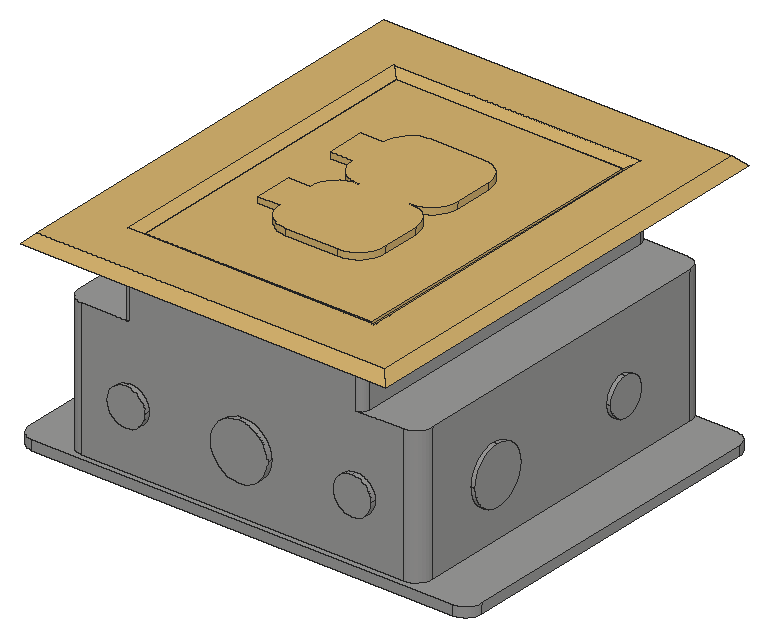
Revit family "Electrical_Equipment-Floor_Box-Hubbell_Wiring-1_Gang-Rectangular_Stamped_Steel-B2429", category Electrical Fixtures, host Face, Revit 2015
Parameters (values of type "B2429 - 1 Gang - Brass Collar")
  Unit Height [instance] = 0' - 2 207/256"  # constant formula
  URL = "http://www.hubbell-wiring.com/"
  Product data url = "https://bimobject.com/hubbellwiring/product/systemone-b2429"
  Product Page URL = "http://ecatalog.hubbell-wiring.com/productinformation/viewcatalog.aspx?Dest=hubbell-wiring.com/press/catalog/L.pdf&Page=4"
  Product Documentation Link = "http://ecatalog.hubbell-wiring.com/press/catalog/L-13.pdf"
  Model = "B2429"
  Manufacturer = "Hubbell-Wiring"  # constant formula
  Floor Box Type = Stamped Steel Concrete Floor Box : B2429 - Shallow Concrete Floor Box
  Description = "Flush Rectangular Stamped Steel Concrete Floor Box"  # constant formula
  Default Elevation = 0' - 0"
  Cover Type [instance] = Covers : S3825 - Duplex Flap - Brass
  Cover Accessory Type [instance] = Carpet Flange : SB3083 - Carpet Flange - Brass
  Construction Note [instance] = "Match Collar Material to Cover"  # constant formula
  Conduit Connector_9 Description = "Conduit 0.5in. Connection"
  Conduit Connector_8 Description = "Conduit 0.5in. Connection"
  Conduit Connector_7 Description = "Conduit 0.75in. Connection"
  Conduit Connector_6 Description = "Conduit 0.5in. Connection"
  Conduit Connector_5 Description = "Conduit 0.5in. Connection"
  Conduit Connector_4 Description = "Conduit 0.75in. Connection"
  Conduit Connector_3 Description = "Conduit 0.5in. Connection"
  Conduit Connector_2 Description = "Conduit 0.75in. Connection"
  Conduit Connector_15 Description = "Conduit 0.75in. Connection"
  Conduit Connector_14 Description = "Conduit 0.75in. Connection"
  Conduit Connector_13 Description = "Conduit 0.5in. Connection"
  Conduit Connector_12 Description = "Conduit 0.5in. Connection"
  Conduit Connector_11 Description = "Conduit 0.5in. Connection"
  Conduit Connector_10 Description = "Conduit 0.75in. Connection"
  Conduit Connector_1 Description = "Conduit 0.5in. Connection"
  Conduit Connector 2 Radius = 0' - 0 3/8"
  Conduit Connector 1 Radius = 0' - 0 1/4"
  Collar Material = Metal-Hubbell-Brass
  Box Material = Metal-Hubbell-Stamped Steel
  Assembly Code = "D5020115"
Reference planes (in)
  plane 1 "Center (Front/Back)": y = 0
  plane 2: z = 0
  plane 3 "Center (Left/Right)": x = 0
  plane 4: y = -2.078
  plane 5: y = 2.078
  plane 6: x = -1.4965
  plane 7: x = 1.4965
Forms (in)
  Extrusion 1, void, detail levels fine
    sketch origin (0, 0, 0) x (1, 0, 0) y (0, 1, 0)
      loop
        line (-1.4965, 2.078) -> (-1.4965, -2.078) -> (1.4965, -2.078) -> (1.4965, 2.078) -> (-1.4965, 2.078)
    from 0 to -2.875
Lines and regions (in)
  symbolic lines
    curve 1: line (-2.42578, 3, 0) -> (2.42578, 3, 0)
    curve 2: line (-2.42578, -3, 0) -> (-2.42578, 3, 0)
    curve 3: line (2.42578, -3, 0) -> (-2.42578, -3, 0)
    curve 4: line (2.42578, 3, 0) -> (2.42578, -3, 0)
Dimensions and locks (in)
  locked: host face to nested 3 at 0.04297
  host face to nested 1 = 0' - 2 31/256"
  plane 5 to plane 1 "Center (Front/Back)" to plane 4 = 0' - 2.078" locked, 0' - 2.078" locked
  plane 6 to plane 3 "Center (Left/Right)" to plane 7 = 0' - 1.4965" locked, 0' - 1.4965" locked
  Extrusion 1 to plane 3 "Center (Left/Right)" = 0' - 1.4965"
  aligned and locked: plane 2 to host face
  aligned and locked: level to host face
  aligned: level to Extrusion 1
  aligned and locked: plane 1 "Center (Front/Back)" to nested 1
  aligned: plane 2 to nested 1  (x4)
  aligned: Extrusion 1 to nested 1  (x9)
  aligned and locked: plane 1 "Center (Front/Back)" to nested 2
  aligned and locked: plane 3 "Center (Left/Right)" to nested 2
  aligned and locked: plane 3 "Center (Left/Right)" to nested 1
  aligned: nested 2 to plane 2  (x2)
  aligned: nested 2 to Extrusion 1
  aligned: nested 1 to Extrusion 1  (x2)
  aligned: Extrusion 1 to nested 2
  aligned and locked: nested 2 to plane 2
  aligned and locked: host face to Extrusion 1
  aligned and locked: plane 3 "Center (Left/Right)" to nested 3
  aligned and locked: plane 1 "Center (Front/Back)" to nested 3
  aligned and locked: Extrusion 1 to plane 5
  aligned and locked: Extrusion 1 to plane 4
  aligned and locked: plane 6 to Extrusion 1
  aligned and locked: plane 7 to Extrusion 1
  aligned and locked: plane 2 to nested 1
  aligned and locked: nested 2 to host face
  aligned and locked: curve 1 to nested 2
  aligned and locked: curve 2 to nested 2
  aligned and locked: curve 3 to nested 2
  aligned and locked: curve 4 to nested 2
Nested families (in)
  nested 1: "Stamped Steel Concrete Floor Box" at (0, 0, -0.0625), Unit Height <- "Unit Height", type <- "Floor Box Type", type "B2429 - Shallow Concrete Floor Box"
    with Unit Height 0' - 2 207/256"
  nested 2: "Carpet Flange" at (0, 0, 0), type <- "Cover Accessory Type", type "SB3083 - Carpet Flange - Brass"
  nested 3: "Covers" at (0, 0, -0.04297), type <- "Cover Type", type "S3825 - Duplex Flap - Brass"
Connectors (in)
  cabletrayconduit at (-1.5, -2.4075, -1.87109), diameter 0.5, driven by "Conduit Connector 1 Radius", driven by "Conduit Connector_1 Description"
    settings: on nested 1, index 1, connector width 1' - 0", connector height 1' - 0", connector angle 0.00°, system type 32, placement type 0, profile type 0, connector reference index -1, is primary connector yes, connector utility param no, connector description "Conduit 0.5in. Connection"
  cabletrayconduit at (0, -2.4075, -1.87109), diameter 0.75, driven by "Conduit Connector 2 Radius", driven by "Conduit Connector_2 Description"
    settings: on nested 1, index 2, connector width 1' - 0", connector height 1' - 0", connector angle 0.00°, system type 32, placement type 0, profile type 0, connector reference index -1, is primary connector no, connector utility param no, connector description "Conduit 0.75in. Connection"
  cabletrayconduit at (1.5, -2.4075, -1.87109), diameter 0.5, driven by "Conduit Connector 1 Radius", driven by "Conduit Connector_3 Description"
    settings: on nested 1, index 3, connector width 1' - 0", connector height 1' - 0", connector angle 0.00°, system type 32, placement type 0, profile type 0, connector reference index -1, is primary connector no, connector utility param no, connector description "Conduit 0.5in. Connection"
  cabletrayconduit at (2.40556, -1.125, -1.87109), diameter 0.75, driven by "Conduit Connector 2 Radius", driven by "Conduit Connector_4 Description"
    settings: on nested 1, index 4, connector width 1' - 0", connector height 1' - 0", connector angle 0.00°, system type 32, placement type 0, profile type 0, connector reference index -1, is primary connector no, connector utility param no, connector description "Conduit 0.75in. Connection"
  cabletrayconduit at (2.40556, 1, -1.87109), diameter 0.5, driven by "Conduit Connector 1 Radius", driven by "Conduit Connector_5 Description"
    settings: on nested 1, index 5, connector width 1' - 0", connector height 1' - 0", connector angle 0.00°, system type 32, placement type 0, profile type 0, connector reference index -1, is primary connector no, connector utility param no, connector description "Conduit 0.5in. Connection"
  cabletrayconduit at (1.5, 2.4075, -1.87109), diameter 0.5, driven by "Conduit Connector 1 Radius", driven by "Conduit Connector_6 Description"
    settings: on nested 1, index 6, connector width 1' - 0", connector height 1' - 0", connector angle 0.00°, system type 32, placement type 0, profile type 0, connector reference index -1, is primary connector no, connector utility param no, connector description "Conduit 0.5in. Connection"
  cabletrayconduit at (0, 2.4075, -1.87109), diameter 0.75, driven by "Conduit Connector 2 Radius", driven by "Conduit Connector_7 Description"
    settings: on nested 1, index 7, connector width 1' - 0", connector height 1' - 0", connector angle 0.00°, system type 32, placement type 0, profile type 0, connector reference index -1, is primary connector no, connector utility param no, connector description "Conduit 0.75in. Connection"
  cabletrayconduit at (-1.5, 2.4075, -1.87109), diameter 0.5, driven by "Conduit Connector 1 Radius", driven by "Conduit Connector_8 Description"
    settings: on nested 1, index 8, connector width 1' - 0", connector height 1' - 0", connector angle 0.00°, system type 32, placement type 0, profile type 0, connector reference index -1, is primary connector no, connector utility param no, connector description "Conduit 0.5in. Connection"
  cabletrayconduit at (-2.40944, 1, -1.87109), diameter 0.5, driven by "Conduit Connector 1 Radius", driven by "Conduit Connector_9 Description"
    settings: on nested 1, index 9, connector width 1' - 0", connector height 1' - 0", connector angle 0.00°, system type 32, placement type 0, profile type 0, connector reference index -1, is primary connector no, connector utility param no, connector description "Conduit 0.5in. Connection"
  cabletrayconduit at (-2.40944, -1.125, -1.87109), diameter 0.75, driven by "Conduit Connector 2 Radius", driven by "Conduit Connector_10 Description"
    settings: on nested 1, index 10, connector width 1' - 0", connector height 1' - 0", connector angle 0.00°, system type 32, placement type 0, profile type 0, connector reference index -1, is primary connector no, connector utility param no, connector description "Conduit 0.75in. Connection"
  cabletrayconduit at (-0.69846, -0.75662, -2.93359), diameter 0.5, driven by "Conduit Connector 1 Radius", driven by "Conduit Connector_11 Description"
    settings: on nested 1, index 11, connector width 1' - 0", connector height 1' - 0", connector angle 0.00°, system type 32, placement type 0, profile type 0, connector reference index -1, is primary connector no, connector utility param no, connector description "Conduit 0.5in. Connection"
  cabletrayconduit at (0.69846, 0.75662, -2.93359), diameter 0.5, driven by "Conduit Connector 1 Radius", driven by "Conduit Connector_13 Description"
    settings: on nested 1, index 13, connector width 1' - 0", connector height 1' - 0", connector angle 0.00°, system type 32, placement type 0, profile type 0, connector reference index -1, is primary connector no, connector utility param no, connector description "Conduit 0.5in. Connection"
  cabletrayconduit at (0.69846, -0.75662, -2.93359), diameter 0.75, driven by "Conduit Connector 2 Radius", driven by "Conduit Connector_14 Description"
    settings: on nested 1, index 14, connector width 1' - 0", connector height 1' - 0", connector angle 0.00°, system type 32, placement type 0, profile type 0, connector reference index -1, is primary connector no, connector utility param no, connector description "Conduit 0.75in. Connection"
  cabletrayconduit at (-0.69846, 0.75662, -2.93359), diameter 0.75, driven by "Conduit Connector 2 Radius", driven by "Conduit Connector_15 Description"
    settings: on nested 1, index 15, connector width 1' - 0", connector height 1' - 0", connector angle 0.00°, system type 32, placement type 0, profile type 0, connector reference index -1, is primary connector no, connector utility param no, connector description "Conduit 0.75in. Connection"
  cabletrayconduit at (0, 0, -2.93359), diameter 0.5, driven by "Conduit Connector 1 Radius", driven by "Conduit Connector_13 Description"
    settings: on nested 1, index 16, connector width 1' - 0", connector height 1' - 0", connector angle 0.00°, system type 32, placement type 0, profile type 0, connector reference index -1, is primary connector no, connector utility param no, connector description "Conduit 0.5in. Connection"
Definition of nested family "Stamped Steel Concrete Floor Box"
  Parameters
    Unit Height [instance] = 0' - 2 207/256"  # constant formula
    Cover Material = none
    Conduit Connector Offset = 0' - 1"  # constant formula
    Conduit Connector 2 Radius = 0' - 0 3/8"
    Conduit Connector 1 Radius = 0' - 0 1/4"
    Can Material = none
    Assembly Code = ""
  Reference planes (in)
    plane 1 "Center (Front/Back)": y = 0
    plane 2: z = 0
    plane 3 "Center (Left/Right)": x = 0
    plane 4: z = -2.80859
    plane 5: z = -1.80859
    plane 6: z = -0.82416
    plane 7: z = -2.68359
  Forms (in)
    Extrusion 1, solid, material <- "Can Material"
      sketch origin (0, 0, 0) x (1, 0, 0) y (0, 0, -1)
        loop
          arc (-0.375, 1.80859) -> (-0.26517, 1.54343) -> (0, 1.43359) r 0.375
          arc (0, 1.43359) -> (0.26517, 1.54343) -> (0.375, 1.80859) r 0.375
          arc (0.375, 1.80859) -> (0.26517, 2.07376) -> (0, 2.18359) r 0.375
          arc (0, 2.18359) -> (-0.26517, 2.07376) -> (-0.375, 1.80859) r 0.375
      from -2.13518 to -2.4075
    Extrusion 2, solid, material <- "Can Material"
      sketch origin (0, 0, 0) x (1, 0, 0) y (0, 0, 1)
        loop
          arc (-0.375, -1.80859) -> (-0.26517, -2.07376) -> (0, -2.18359) r 0.375
          arc (0, -2.18359) -> (0.26517, -2.07376) -> (0.375, -1.80859) r 0.375
          arc (0.375, -1.80859) -> (0.26517, -1.54343) -> (0, -1.43359) r 0.375
          arc (0, -1.43359) -> (-0.26517, -1.54343) -> (-0.375, -1.80859) r 0.375
      from -2.345 to -2.4075
    Extrusion 3, solid, material <- "Cover Material"
      sketch origin (0, 0, 0.22509) x (1, 0, 0) y (0, 1, 0)
        loop
          line (-1.4965, 2.078) -> (-1.4965, -2.078) -> (1.4965, -2.078) -> (1.4965, 2.078) -> (-1.4965, 2.078)
        loop
          arc (-1.49742, 2.345) -> (-1.57311, 2.31365) -> (-1.60446, 2.23796) r 0.10704
          line (-1.60446, 2.23796) -> (-1.60446, -2.23167)
          arc (-1.60446, -2.23167) -> (-1.57315, -2.30726) -> (-1.49756, -2.33857) r 0.1069
          line (-1.49756, -2.33857) -> (1.49823, -2.33857)
          arc (1.49823, -2.33857) -> (1.56869, -2.30939) -> (1.59787, -2.23893) r 0.09964
          line (1.59787, -2.23893) -> (1.59787, 2.24543)
          arc (1.59787, 2.24543) -> (1.56871, 2.31584) -> (1.4983, 2.345) r 0.09957
          line (1.4983, 2.345) -> (-1.49742, 2.345)
      from -0.39425 to -0.22509
    Extrusion 4, solid, material <- "Can Material"
      sketch origin (0.92025, 0.30752, 7.9375) x (1, 0, 0) y (0, 1, 0)
        loop
          arc (-3.05737, 2.03748) -> (-3.20573, 1.97602) -> (-3.26719, 1.82766) r 0.20982
          line (-3.26719, 1.82766) -> (-3.26719, -2.43885)
          arc (-3.26719, -2.43885) -> (-3.20649, -2.5854) -> (-3.05994, -2.6461) r 0.20725
          line (-3.05994, -2.6461) -> (1.20405, -2.6461)
          arc (1.20405, -2.6461) -> (1.35706, -2.58272) -> (1.42044, -2.42971) r 0.21639
          line (1.42044, -2.42971) -> (1.42044, 1.83391)
          arc (1.42044, 1.83391) -> (1.36082, 1.97785) -> (1.21687, 2.03748) r 0.20357
          line (1.21687, 2.03748) -> (-3.05737, 2.03748)
      from -10.5625 to -8.76166
    Extrusion 5, solid, material <- "Can Material"
      sketch origin (0, 0, 7.9375) x (1, 0, 0) y (0, 1, 0)
        loop
          line (-1.4965, 2.078) -> (-1.4965, -2.078) -> (1.4965, -2.078) -> (1.4965, 2.078) -> (-1.4965, 2.078)
        loop
          line (-1.60446, 2.23796) -> (-1.60446, -2.23167)
          arc (-1.60446, -2.23167) -> (-1.57315, -2.30726) -> (-1.49756, -2.33857) r 0.1069
          line (-1.49756, -2.33857) -> (1.49823, -2.33857)
          arc (1.49823, -2.33857) -> (1.56869, -2.30939) -> (1.59787, -2.23893) r 0.09964
          line (1.59787, -2.23893) -> (1.59787, 2.24543)
          arc (1.59787, 2.24543) -> (1.56871, 2.31584) -> (1.4983, 2.345) r 0.09957
          line (1.4983, 2.345) -> (-1.49742, 2.345)
          arc (-1.49742, 2.345) -> (-1.57311, 2.31365) -> (-1.60446, 2.23796) r 0.10704
      from -8.76166 to -8.10666
    Extrusion 6, solid, material <- "Cover Material"
      sketch origin (0, 0, 0) x (1, 0, 0) y (0, 1, 0)
        loop
          arc (-1.49742, 2.345) -> (-1.57311, 2.31365) -> (-1.60446, 2.23796) r 0.10704
          line (-1.60446, 2.23796) -> (-1.60446, -2.23167)
          arc (-1.60446, -2.23167) -> (-1.57315, -2.30726) -> (-1.49756, -2.33857) r 0.1069
          line (-1.49756, -2.33857) -> (1.49823, -2.33857)
          arc (1.49823, -2.33857) -> (1.56869, -2.30939) -> (1.59787, -2.23893) r 0.09964
          line (1.59787, -2.23893) -> (1.59787, 2.24543)
          arc (1.59787, 2.24543) -> (1.56871, 2.31584) -> (1.4983, 2.345) r 0.09957
          line (1.4983, 2.345) -> (-1.49742, 2.345)
        loop
          line (-1.4965, 2.078) -> (-1.4965, -2.078) -> (1.4965, -2.078) -> (1.4965, 2.078) -> (-1.4965, 2.078)
      from 0 to 0.0625
    Extrusion 7, solid, material <- "Can Material"
      sketch origin (0.92025, 0.30752, 7.9375) x (1, 0, 0) y (0, 1, 0)
        loop
          arc (-3.71356, 2.03748) -> (-3.86192, 1.97602) -> (-3.92337, 1.82766) r 0.20982
          line (-3.92337, 1.82766) -> (-3.92337, -2.43885)
          arc (-3.92337, -2.43885) -> (-3.86267, -2.5854) -> (-3.71613, -2.6461) r 0.20725
          line (-3.71613, -2.6461) -> (1.86024, -2.6461)
          arc (1.86024, -2.6461) -> (2.01325, -2.58272) -> (2.07663, -2.42971) r 0.21639
          line (2.07663, -2.42971) -> (2.07663, 1.83391)
          arc (2.07663, 1.83391) -> (2.017, 1.97785) -> (1.87306, 2.03748) r 0.20357
          line (1.87306, 2.03748) -> (-3.71356, 2.03748)
      from -10.74609 to -10.62109
    Extrusion 8, solid, material <- "Can Material"
      sketch origin (-0.69846, 0.75662, 0) x (1, 0, 0) y (0, 1, 0)
        loop
          circle (0, 0) r 0.375
      from -2.80859 to -2.87109
    Extrusion 9, solid, material <- "Can Material"
      sketch origin (0.07413, 1.125, 0) x (0, 1, 0) y (0, 0, -1)
        loop
          arc (-0.375, 1.80859) -> (-0.30178, 1.63182) -> (-0.125, 1.55859) r 0.25
          arc (-0.125, 1.55859) -> (0.05178, 1.63182) -> (0.125, 1.80859) r 0.25
          arc (0.125, 1.80859) -> (0.05178, 1.98537) -> (-0.125, 2.05859) r 0.25
          arc (-0.125, 2.05859) -> (-0.30178, 1.98537) -> (-0.375, 1.80859) r 0.25
      from -2.26893 to -2.33143
    Extrusion 10, solid, material <- "Can Material"
      sketch origin (0, 1, 0) x (0, 1, 0) y (0, 0, 1)
        loop
          arc (-0.25, -1.80859) -> (-0.17678, -1.98537) -> (0, -2.05859) r 0.25
          arc (0, -2.05859) -> (0.17678, -1.98537) -> (0.25, -1.80859) r 0.25
          arc (0.25, -1.80859) -> (0.17678, -1.63182) -> (0, -1.55859) r 0.25
          arc (0, -1.55859) -> (-0.17678, -1.63182) -> (-0.25, -1.80859) r 0.25
      from -2.34694 to -2.40944
    Extrusion 11, solid, material <- "Can Material"
      sketch origin (0.07413, -1.125, 0) x (0, -1, 0) y (0, 0, 1)
        loop
          arc (-0.375, -1.80859) -> (-0.26517, -2.07376) -> (0, -2.18359) r 0.375
          arc (0, -2.18359) -> (0.26517, -2.07376) -> (0.375, -1.80859) r 0.375
          arc (0.375, -1.80859) -> (0.26517, -1.54343) -> (0, -1.43359) r 0.375
          arc (0, -1.43359) -> (-0.26517, -1.54343) -> (-0.375, -1.80859) r 0.375
      from -2.26893 to -2.33143
    Extrusion 12, solid, material <- "Can Material"
      sketch origin (0, -1, 0) x (0, -1, 0) y (0, 0, -1)
        loop
          arc (-0.25, 1.80859) -> (-0.14017, 1.54343) -> (0.125, 1.43359) r 0.375
          arc (0.125, 1.43359) -> (0.39017, 1.54343) -> (0.5, 1.80859) r 0.375
          arc (0.5, 1.80859) -> (0.39017, 2.07376) -> (0.125, 2.18359) r 0.375
          arc (0.125, 2.18359) -> (-0.14017, 2.07376) -> (-0.25, 1.80859) r 0.375
      from -2.34694 to -2.40944
    Extrusion 13, solid, material <- "Can Material"
      sketch origin (-1.5, 0, 0) x (1, 0, 0) y (0, 0, -1)
        loop
          arc (-0.25, 1.80859) -> (-0.17678, 1.63182) -> (0, 1.55859) r 0.25
          arc (0, 1.55859) -> (0.17678, 1.63182) -> (0.25, 1.80859) r 0.25
          arc (0.25, 1.80859) -> (0.17678, 1.98537) -> (0, 2.05859) r 0.25
          arc (0, 2.05859) -> (-0.17678, 1.98537) -> (-0.25, 1.80859) r 0.25
      from -2.13518 to -2.4075
    Extrusion 14, solid, material <- "Can Material"
      sketch origin (-1.5, 0, 0) x (1, 0, 0) y (0, 0, 1)
        loop
          arc (-0.25, -1.80859) -> (-0.17678, -1.98537) -> (0, -2.05859) r 0.25
          arc (0, -2.05859) -> (0.17678, -1.98537) -> (0.25, -1.80859) r 0.25
          arc (0.25, -1.80859) -> (0.17678, -1.63182) -> (0, -1.55859) r 0.25
          arc (0, -1.55859) -> (-0.17678, -1.63182) -> (-0.25, -1.80859) r 0.25
      from -2.345 to -2.4075
    Extrusion 15, solid, material <- "Can Material"
      sketch origin (1.5, 0, 0) x (-1, 0, 0) y (0, 0, 1)
        loop
          arc (-0.25, -1.80859) -> (-0.17678, -1.98537) -> (0, -2.05859) r 0.25
          arc (0, -2.05859) -> (0.17678, -1.98537) -> (0.25, -1.80859) r 0.25
          arc (0.25, -1.80859) -> (0.17678, -1.63182) -> (0, -1.55859) r 0.25
          arc (0, -1.55859) -> (-0.17678, -1.63182) -> (-0.25, -1.80859) r 0.25
      from -2.13518 to -2.4075
    Extrusion 16, solid, material <- "Can Material"
      sketch origin (1.5, 0, 0) x (-1, 0, 0) y (0, 0, -1)
        loop
          arc (-0.25, 1.80859) -> (-0.17678, 1.63182) -> (0, 1.55859) r 0.25
          arc (0, 1.55859) -> (0.17678, 1.63182) -> (0.25, 1.80859) r 0.25
          arc (0.25, 1.80859) -> (0.17678, 1.98537) -> (0, 2.05859) r 0.25
          arc (0, 2.05859) -> (-0.17678, 1.98537) -> (-0.25, 1.80859) r 0.25
      from -2.345 to -2.4075
    Extrusion 17, solid, material <- "Can Material"
      sketch origin (-0.69846, -0.75662, 0) x (1, 0, 0) y (0, 1, 0)
        loop
          circle (0, 0) r 0.25
      from -2.80859 to -2.87109
    Extrusion 18, solid, material <- "Can Material"
      sketch origin (0.69846, -0.75662, 0) x (-1, 0, 0) y (0, -1, 0)
        loop
          circle (0, 0) r 0.375
      from -2.80859 to -2.87109
    Extrusion 19, solid, material <- "Can Material"
      sketch origin (0, 0, 0) x (1, 0, 0) y (0, 1, 0)
        loop
          circle (0, 0) r 0.25
      from -2.80859 to -2.87109
    Extrusion 20, solid, material <- "Can Material"
      sketch origin (0.69846, 0.75662, 0) x (-1, 0, 0) y (0, -1, 0)
        loop
          circle (0, 0) r 0.25
      from -2.80859 to -2.87109
  Cuts and joins
    joined: Extrusion 3, Extrusion 6
    joined: Extrusion 1, Extrusion 2, Extrusion 4, Extrusion 5, Extrusion 7, Extrusion 8, Extrusion 9, Extrusion 10, Extrusion 11, Extrusion 12, Extrusion 13, Extrusion 14, Extrusion 15, Extrusion 16, Extrusion 17, Extrusion 18, Extrusion 19, Extrusion 20
  Dimensions and locks (in)
    "Conduit Connector Offset": plane 5 to plane 4
    "Unit Height": level to plane 4
    locked: plane 7 to plane 4 at 0.125
    locked: plane 4 to Extrusion 8 at 0.0625
    "Conduit Connector 2 Radius": radius of Extrusion 1 sketch curve
    "Conduit Connector 2 Radius": radius of Extrusion 2 sketch curve
    "Conduit Connector 2 Radius": radius of Extrusion 8 sketch curve
    "Conduit Connector 1 Radius": radius of Extrusion 9 sketch curve
    "Conduit Connector 1 Radius": radius of Extrusion 10 sketch curve
    "Conduit Connector 2 Radius": radius of Extrusion 11 sketch curve
    "Conduit Connector 2 Radius": radius of Extrusion 12 sketch curve
    "Conduit Connector 1 Radius": radius of Extrusion 13 sketch curve
    "Conduit Connector 1 Radius": radius of Extrusion 14 sketch curve
    "Conduit Connector 1 Radius": radius of Extrusion 15 sketch curve
    "Conduit Connector 1 Radius": radius of Extrusion 16 sketch curve
    "Conduit Connector 1 Radius": radius of Extrusion 17 sketch curve
    "Conduit Connector 2 Radius": radius of Extrusion 18 sketch curve
    "Conduit Connector 1 Radius": radius of Extrusion 19 sketch curve
    "Conduit Connector 1 Radius": radius of Extrusion 20 sketch curve
    aligned and locked: plane 2 to level
    aligned: plane 2 to Extrusion 3
    aligned: plane 4 to Extrusion 4
    aligned and locked: level to Extrusion 3
    aligned: plane 5 to Extrusion 4
    aligned: Extrusion 5 to plane 5
    aligned and locked: Extrusion 3 to Extrusion 5
    aligned: Extrusion 5 to plane 6
    aligned: Extrusion 4 to Extrusion 5
    aligned and locked: Extrusion 7 to plane 4
    aligned and locked: plane 7 to Extrusion 7
    aligned and locked: plane 4 to Extrusion 8
  Automatic sketch dimensions
    Extrusion 1 sketch curve to Extrusion 1 sketch curve = 0' - 0"
    Extrusion 1 sketch curve to plane 5 = 0' - 0"
    Extrusion 1 sketch curve to plane 3 "Center (Left/Right)" = 0' - 0"
    Extrusion 2 sketch curve to Extrusion 2 sketch curve = 0' - 0"
    Extrusion 2 sketch curve to plane 5 = 0' - 0"
    Extrusion 2 sketch curve to plane 3 "Center (Left/Right)" = 0' - 0"
    Extrusion 3 sketch curve to plane 3 "Center (Left/Right)" = 0' - 1.60446"
    Extrusion 3 sketch curve to Extrusion 3 sketch curve = 0' - 0.1069"
    Extrusion 3 sketch curve to Extrusion 3 sketch curve = 0' - 0.10704"
    Extrusion 3 sketch curve to Extrusion 3 sketch curve = 0' - 0.00106"
    plane 3 "Center (Left/Right)" to Extrusion 3 sketch curve = 0' - 1.4965"
    Extrusion 3 sketch curve to Extrusion 3 sketch curve = 0' - 0.00173"
    Extrusion 3 sketch curve to Extrusion 3 sketch curve = 0' - 0.0018"
    Extrusion 3 sketch curve to Extrusion 3 sketch curve = 0' - 0.09964"
    plane 1 "Center (Front/Back)" to Extrusion 3 sketch curve = 0' - 2.33857"
    Extrusion 3 sketch curve to Extrusion 3 sketch curve = 0' - 0.16093"
    Extrusion 3 sketch curve to plane 1 "Center (Front/Back)" = 0' - 2.078"
    Extrusion 3 sketch curve to Extrusion 3 sketch curve = 0' - 0.15996"
    Extrusion 4 sketch curve to plane 3 "Center (Left/Right)" = 0' - 2.34694"
    Extrusion 4 sketch curve to Extrusion 4 sketch curve = 0' - 0.20725"
    Extrusion 4 sketch curve to Extrusion 4 sketch curve = 0' - 0.20982"
    plane 3 "Center (Left/Right)" to Extrusion 4 sketch curve = 0' - 2.1243"
    plane 3 "Center (Left/Right)" to Extrusion 4 sketch curve = 0' - 2.13712"
    Extrusion 4 sketch curve to Extrusion 4 sketch curve = 0' - 0.20357"
    plane 1 "Center (Front/Back)" to Extrusion 4 sketch curve = 0' - 2.33857"
    Extrusion 4 sketch curve to plane 1 "Center (Front/Back)" = 0' - 2.13518"
    Extrusion 5 sketch curve to plane 3 "Center (Left/Right)" = 0' - 1.60446"
    Extrusion 5 sketch curve to Extrusion 5 sketch curve = 0' - 0.1069"
    Extrusion 5 sketch curve to Extrusion 5 sketch curve = 0' - 0.10704"
    Extrusion 5 sketch curve to Extrusion 5 sketch curve = 0' - 0.00106"
    plane 3 "Center (Left/Right)" to Extrusion 5 sketch curve = 0' - 1.4965"
    Extrusion 5 sketch curve to Extrusion 5 sketch curve = 0' - 0.00173"
    Extrusion 5 sketch curve to Extrusion 5 sketch curve = 0' - 0.0018"
    Extrusion 5 sketch curve to Extrusion 5 sketch curve = 0' - 0.09964"
    plane 1 "Center (Front/Back)" to Extrusion 5 sketch curve = 0' - 2.33857"
    Extrusion 5 sketch curve to Extrusion 5 sketch curve = 0' - 0.15367"
    Extrusion 5 sketch curve to plane 1 "Center (Front/Back)" = 0' - 2.078"
    Extrusion 5 sketch curve to Extrusion 5 sketch curve = 0' - 0.15996"
    Extrusion 6 sketch curve to plane 3 "Center (Left/Right)" = 0' - 1.60446"
    Extrusion 6 sketch curve to Extrusion 6 sketch curve = 0' - 0.1069"
    Extrusion 6 sketch curve to Extrusion 6 sketch curve = 0' - 0.10704"
    Extrusion 6 sketch curve to Extrusion 6 sketch curve = 0' - 0.00092"
    plane 3 "Center (Left/Right)" to Extrusion 6 sketch curve = 0' - 1.4965"
    Extrusion 6 sketch curve to Extrusion 6 sketch curve = 0' - 0.00173"
    Extrusion 6 sketch curve to Extrusion 6 sketch curve = 0' - 0.0018"
    Extrusion 6 sketch curve to Extrusion 6 sketch curve = 0' - 0.09957"
    plane 1 "Center (Front/Back)" to Extrusion 6 sketch curve = 0' - 2.33857"
    Extrusion 6 sketch curve to Extrusion 6 sketch curve = 0' - 0.15367"
    Extrusion 6 sketch curve to plane 1 "Center (Front/Back)" = 0' - 2.078"
    Extrusion 6 sketch curve to Extrusion 6 sketch curve = 0' - 0.15996"
    Extrusion 7 sketch curve to plane 3 "Center (Left/Right)" = 0' - 3.00312"
    Extrusion 7 sketch curve to Extrusion 7 sketch curve = 0' - 0.20725"
    Extrusion 7 sketch curve to Extrusion 7 sketch curve = 0' - 0.20982"
    plane 3 "Center (Left/Right)" to Extrusion 7 sketch curve = 0' - 2.78049"
    plane 3 "Center (Left/Right)" to Extrusion 7 sketch curve = 0' - 2.79331"
    Extrusion 7 sketch curve to Extrusion 7 sketch curve = 0' - 0.20357"
    plane 1 "Center (Front/Back)" to Extrusion 7 sketch curve = 0' - 2.33857"
    Extrusion 7 sketch curve to plane 1 "Center (Front/Back)" = 0' - 2.13518"
    Extrusion 8 sketch curve to plane 3 "Center (Left/Right)" = 0' - 0.69846"
    Extrusion 8 sketch curve to plane 1 "Center (Front/Back)" = 0' - 0.75662"
    Extrusion 9 sketch curve to Extrusion 9 sketch curve = 0' - 0"
    Extrusion 9 sketch curve to plane 5 = 0' - 0"
    Extrusion 9 sketch curve to plane 1 "Center (Front/Back)" = 0' - 0 3/4"
    Extrusion 10 sketch curve to Extrusion 10 sketch curve = 0' - 0"
    Extrusion 10 sketch curve to plane 5 = 0' - 0"
    Extrusion 10 sketch curve to plane 1 "Center (Front/Back)" = 0' - 0 3/4"
    Extrusion 11 sketch curve to Extrusion 11 sketch curve = 0' - 0"
    Extrusion 11 sketch curve to plane 5 = 0' - 0"
    plane 1 "Center (Front/Back)" to Extrusion 11 sketch curve = 0' - 0 3/4"
    Extrusion 12 sketch curve to Extrusion 12 sketch curve = 0' - 0"
    Extrusion 12 sketch curve to plane 5 = 0' - 0"
    plane 1 "Center (Front/Back)" to Extrusion 12 sketch curve = 0' - 0 3/4"
    Extrusion 13 sketch curve to Extrusion 13 sketch curve = 0' - 0"
    Extrusion 13 sketch curve to plane 5 = 0' - 0"
    Extrusion 13 sketch curve to plane 3 "Center (Left/Right)" = 0' - 1 3/4"
    Extrusion 14 sketch curve to Extrusion 14 sketch curve = 0' - 0"
    Extrusion 14 sketch curve to plane 5 = 0' - 0"
    Extrusion 14 sketch curve to plane 3 "Center (Left/Right)" = 0' - 1 3/4"
    Extrusion 15 sketch curve to Extrusion 15 sketch curve = 0' - 0"
    Extrusion 15 sketch curve to plane 5 = 0' - 0"
    plane 3 "Center (Left/Right)" to Extrusion 15 sketch curve = 0' - 1 3/4"
    Extrusion 16 sketch curve to Extrusion 16 sketch curve = 0' - 0"
    Extrusion 16 sketch curve to plane 5 = 0' - 0"
    plane 3 "Center (Left/Right)" to Extrusion 16 sketch curve = 0' - 1 3/4"
    Extrusion 17 sketch curve to plane 3 "Center (Left/Right)" = 0' - 0.69846"
    plane 1 "Center (Front/Back)" to Extrusion 17 sketch curve = 0' - 0.75662"
    plane 3 "Center (Left/Right)" to Extrusion 18 sketch curve = 0' - 0.69846"
    plane 1 "Center (Front/Back)" to Extrusion 18 sketch curve = 0' - 0.75662"
    plane 1 "Center (Front/Back)" to Extrusion 19 sketch curve = 0' - 0"
    Extrusion 19 sketch curve to plane 3 "Center (Left/Right)" = 0' - 0"
    plane 3 "Center (Left/Right)" to Extrusion 20 sketch curve = 0' - 0.69846"
    Extrusion 20 sketch curve to plane 1 "Center (Front/Back)" = 0' - 0.75662"
Definition of nested family "Carpet Flange"
  Parameters
    Width = 0' - 6"
    Length = 0' - 4 109/128"  # constant formula
    Cover Material = none
    Carpet Flange On = yes
    Assembly Code = ""
  Reference planes (in)
    plane 1 "Center (Front/Back)": y = 0
    plane 2: z = 0
    plane 3 "Center (Left/Right)": x = 0
    plane 4: z = 0.125
  Forms (in)
    Sweep 1, solid, material <- "Cover Material", visible <- "Carpet Flange On"
      path in 3D
        loop
          line (-2.42578, -3, 0) -> (2.42578, -3, 0) -> (2.42578, 3, 0) -> (-2.42578, 3, 0) -> (-2.42578, -3, 0)
      profile origin (-2.42578, 0, 0) x (1, 0, 0) y (0, 0, 1)
        loop
          line (0, 0) -> (0.91498, 0) -> (0.91498, 0.03877) -> (0.79, 0.125) -> (0.125, 0.125) -> (0, 0)
  Lines and regions (in)
    Masking region 1
      outline origin (3.27995, 0.00006, 0) x (1, 0, 0) y (0, 1, 0)
        loop
          line (-5.70573, 3.00006) -> (-5.70573, -3.00006) -> (-0.85417, -3.00006) -> (-0.85417, 3.00006) -> (-5.70573, 3.00006)
    reference lines
      curve 1: line (-2.42578, 3, 0) -> (-2.42578, -3, 0)
      curve 2: line (-2.42578, -3, 0) -> (2.42578, -3, 0)
      curve 3: line (2.42578, -3, 0) -> (2.42578, 3, 0)
      curve 4: line (2.42578, 3, 0) -> (-2.42578, 3, 0)
    sketch lines
      curve 5: line (-2.42578, 3, 0) -> (-2.42578, -3, 0)
      curve 6: line (2.42578, 3, 0) -> (-2.42578, 3, 0)
      curve 7: line (2.42578, -3, 0) -> (2.42578, 3, 0)
      curve 8: line (-2.42578, -3, 0) -> (2.42578, -3, 0)
  Dimensions and locks (in)
    "Length": curve 1 to curve 3
    equal spacing: curve 1, plane 3 "Center (Left/Right)", curve 3
    aligned and locked: plane 2 to level
    aligned and locked: curve 7 to curve 3
    aligned and locked: Masking region 1 to curve 3
    aligned and locked: Masking region 1 to curve 1
    aligned and locked: curve 5 to curve 1
  Automatic sketch dimensions
    plane 1 "Center (Front/Back)" to curve 1 = 0' - 3"
    curve 3 to plane 1 "Center (Front/Back)" = 0' - 3"
    Masking region 1 sketch curve to plane 3 "Center (Left/Right)" = 0' - 2 109/256"
    plane 3 "Center (Left/Right)" to Masking region 1 sketch curve = 0' - 2 109/256"
    plane 1 "Center (Front/Back)" to Masking region 1 sketch curve = 0' - 3"
    Masking region 1 sketch curve to plane 1 "Center (Front/Back)" = 0' - 3.00011"
    profile plane to Sweep 1 sketch curve = 0' - 0"  (x2)
    Sweep 1 sketch curve to plane 4 = 0' - 0"
    Sweep 1 sketch curve to profile plane = 0' - 0"  (x2)
    Sweep 1 sketch curve to profile plane = 0' - 0 1/8"
    Sweep 1 sketch curve to Sweep 1 sketch curve = 0' - 0.665"
    Sweep 1 sketch curve to Sweep 1 sketch curve = 0' - 0 1/8"
    profile plane to Sweep 1 sketch curve = 0' - 0.03877"
Definition of nested family "Covers"
  Parameters
    Style Line Flap = no
    Duplex Screw = no
    Duplex Flap = yes
    Cover Material = none
    Combination Flap = no
    Box = yes
    Assembly Code = ""
  Reference planes (in)
    plane 1 "Center (Front/Back)": y = 0
    plane 2: z = 0
    plane 3 "Center (Left/Right)": x = 0
  Forms (in)
    Extrusion 1, solid, material <- "Cover Material", visible <- "Duplex Flap", detail levels medium+fine
      sketch origin (0, 0, -0.03016) x (1, 0, 0) y (0, 1, 0)
        loop
          arc (-0.34332, 1.20711) -> (-0.59332, 1.10355) -> (-0.69687, 0.85355) r 0.35355
          line (-0.69687, 0.85355) -> (-0.98976, 0.85355) -> (-0.98976, 0.35355) -> (-0.69687, 0.35355)
          arc (-0.69687, 0.35355) -> (-0.59332, 0.10355) -> (-0.34332, 0) r 0.35355
          arc (-0.34332, 0) -> (-0.59332, -0.10355) -> (-0.69687, -0.35355) r 0.35355
          line (-0.69687, -0.35355) -> (-0.98976, -0.35355) -> (-0.98976, -0.85355) -> (-0.69687, -0.85355)
          arc (-0.69687, -0.85355) -> (-0.59332, -1.10355) -> (-0.34332, -1.20711) r 0.35355
          line (-0.34332, -1.20711) -> (0.34332, -1.20711)
          arc (0.34332, -1.20711) -> (0.59332, -1.10355) -> (0.69687, -0.85355) r 0.35355
          line (0.69687, -0.85355) -> (0.69687, -0.35355)
          arc (0.69687, -0.35355) -> (0.59332, -0.10355) -> (0.34332, 0) r 0.35355
          arc (0.34332, 0) -> (0.59332, 0.10355) -> (0.69687, 0.35355) r 0.35355
          line (0.69687, 0.35355) -> (0.69687, 0.85355)
          arc (0.69687, 0.85355) -> (0.59332, 1.10355) -> (0.34332, 1.20711) r 0.35355
          line (0.34332, 1.20711) -> (-0.34332, 1.20711)
      from 0.12 to 0.20228
    Extrusion 2, solid, material <- "Cover Material", visible <- "Combination Flap", detail levels medium+fine
      sketch origin (0.0053, 0, -0.03016) x (1, 0, 0) y (0, 1, 0)
        loop
          circle (0, 0) r 1
        loop
          line (-0.08565, 0.54465) -> (-0.08565, -0.54465) -> (0.0625, -0.54465) -> (0.0625, 0.54465) -> (-0.08565, 0.54465)
      from 0.12 to 0.20228
    Extrusion 3, solid, material <- "Cover Material", visible <- "Duplex Screw", detail levels medium+fine
      sketch origin (0.01567, 0.75003, -0.03016) x (1, 0, 0) y (0, 1, 0)
        loop
          circle (-0.01567, -0.00003) r 0.75
        loop
          line (-0.07309, 0.39733) -> (-0.07309, -0.41965) -> (0.0625, -0.41965) -> (0.0625, 0.39733) -> (-0.07309, 0.39733)
      from 0.12 to 0.20228
    Extrusion 4, solid, material <- "Cover Material", visible <- "Duplex Screw", detail levels medium+fine
      sketch origin (-0.01567, -0.75003, -0.03016) x (-1, 0, 0) y (0, -1, 0)
        loop
          circle (-0.01567, -0.00003) r 0.75
        loop
          line (-0.07309, 0.39733) -> (-0.07309, -0.41965) -> (0.0625, -0.41965) -> (0.0625, 0.39733) -> (-0.07309, 0.39733)
      from 0.12 to 0.20228
    Extrusion 5, solid, material <- "Cover Material", visible <- "Box"
      sketch origin (0, 0, 0.38984) x (1, 0, 0) y (0, 1, 0)
        loop
          line (-1.4965, 2.078) -> (-1.4965, -2.078) -> (1.4965, -2.078) -> (1.4965, 2.078) -> (-1.4965, 2.078)
      from -0.44 to -0.3
    Extrusion 6, solid, material <- "Cover Material", visible <- "Style Line Flap", detail levels medium+fine
      sketch origin (0, 0, -0.03016) x (1, 0, 0) y (0, 1, 0)
        loop
          line (-0.69687, 1.20711) -> (-0.69687, 0.85355) -> (-0.98976, 0.85355) -> (-0.98976, 0.35355) -> (-0.69687, 0.35355) -> (-0.69687, -0.35355) -> (-0.98976, -0.35355) -> (-0.98976, -0.85355) -> (-0.69687, -0.85355) -> (-0.69687, -1.20711) -> (0.69687, -1.20711) -> (0.69687, -0.24767) -> (0.69687, 1.20711) -> (-0.69687, 1.20711)
      from 0.12 to 0.20228
  Lines and regions (in)
    Masking region 1, detail levels medium+fine
      outline origin (0, 0, 0) x (1, 0, 0) y (0, 1, 0)
        loop
          line (-1.4965, 2.078) -> (-1.4965, -2.078) -> (1.4965, -2.078) -> (1.4965, 2.078) -> (-1.4965, 2.078)
    symbolic lines, visible <- "Duplex Screw", detail levels fine
      curve 1: arc (0, 1.5, 0) -> (-0.75, 0.75, 0) -> (0, 0, 0) r 0.75
      curve 2: arc (0, 0, 0) -> (0.75, 0.75, 0) -> (0, 1.5, 0) r 0.75
      curve 3: line (0.07893, 1.16886, 0) -> (0.07893, 0.35188, 0)
      curve 4: line (0.07893, 0.35188, 0) -> (-0.05666, 0.35188, 0)
      curve 5: line (-0.05666, 0.35188, 0) -> (-0.05666, 1.16886, 0)
      curve 6: line (-0.05666, 1.16886, 0) -> (0.07893, 1.16886, 0)
      curve 7: arc (0, 0, 0) -> (-0.75, -0.75, 0) -> (0, -1.5, 0) r 0.75
      curve 8: arc (0, -1.5, 0) -> (0.75, -0.75, 0) -> (0, 0, 0) r 0.75
      curve 9: line (-0.05666, -1.14812, 0) -> (-0.05666, -0.33114, 0)
      curve 10: line (0.07893, -1.14812, 0) -> (-0.05666, -1.14812, 0)
      curve 11: line (0.07893, -0.33114, 0) -> (0.07893, -1.14812, 0)
      curve 12: line (-0.05666, -0.33114, 0) -> (0.07893, -0.33114, 0)
    symbolic lines, visible <- "Duplex Flap", detail levels fine
      curve 13: arc (-0.69687, -0.85355, 0) -> (-0.59332, -1.10355, 0) -> (-0.34332, -1.20711, 0) r 0.35355
      curve 14: line (-0.34332, -1.20711, 0) -> (0.34332, -1.20711, 0)
      curve 15: arc (0.34332, -1.20711, 0) -> (0.59332, -1.10355, 0) -> (0.69687, -0.85355, 0) r 0.35355
      curve 16: line (0.69687, -0.85355, 0) -> (0.69687, -0.35355, 0)
      curve 17: arc (0.69687, -0.35355, 0) -> (0.59332, -0.10355, 0) -> (0.34332, 0, 0) r 0.35355
      curve 18: arc (0.34332, 0, 0) -> (0.59332, 0.10355, 0) -> (0.69687, 0.35355, 0) r 0.35355
      curve 19: line (0.69687, 0.35355, 0) -> (0.69687, 0.85355, 0)
      curve 20: arc (0.69687, 0.85355, 0) -> (0.59332, 1.10355, 0) -> (0.34332, 1.20711, 0) r 0.35355
      curve 21: line (0.34332, 1.20711, 0) -> (-0.34332, 1.20711, 0)
      curve 22: arc (-0.34332, 1.20711, 0) -> (-0.59332, 1.10355, 0) -> (-0.69687, 0.85355, 0) r 0.35355
      curve 23: line (-0.69687, 0.85355, 0) -> (-0.98976, 0.85355, 0)
      curve 24: line (-0.98976, 0.85355, 0) -> (-0.98976, 0.35355, 0)
      curve 25: line (-0.98976, 0.35355, 0) -> (-0.69687, 0.35355, 0)
      curve 26: arc (-0.69687, 0.35355, 0) -> (-0.59332, 0.10355, 0) -> (-0.34332, 0, 0) r 0.35355
      curve 27: arc (-0.34332, 0, 0) -> (-0.59332, -0.10355, 0) -> (-0.69687, -0.35355, 0) r 0.35355
      curve 28: line (-0.69687, -0.35355, 0) -> (-0.98976, -0.35355, 0)
      curve 29: line (-0.98976, -0.35355, 0) -> (-0.98976, -0.85355, 0)
      curve 30: line (-0.98976, -0.85355, 0) -> (-0.69687, -0.85355, 0)
    symbolic lines, visible <- "Combination Flap", detail levels fine
      curve 31: arc (-0.9947, 0, 0) -> (0.0053, -1, 0) -> (1.0053, 0, 0) r 1
      curve 32: arc (1.0053, 0, 0) -> (0.0053, 1, 0) -> (-0.9947, 0, 0) r 1
      curve 33: line (-0.08035, -0.54465, 0) -> (-0.08035, 0.54465, 0)
      curve 34: line (-0.08035, 0.54465, 0) -> (0.0678, 0.54465, 0)
      curve 35: line (0.0678, 0.54465, 0) -> (0.0678, -0.54465, 0)
      curve 36: line (0.0678, -0.54465, 0) -> (-0.08035, -0.54465, 0)
    symbolic lines, visible <- "Style Line Flap", detail levels fine
      curve 37: line (0.69687, 1.20711, 0) -> (-0.69687, 1.20711, 0)
      curve 38: line (-0.69687, 1.20711, 0) -> (-0.69687, 0.85355, 0)
      curve 39: line (-0.69687, 0.85355, 0) -> (-0.98976, 0.85355, 0)
      curve 40: line (-0.98976, 0.85355, 0) -> (-0.98976, 0.35355, 0)
      curve 41: line (-0.98976, 0.35355, 0) -> (-0.69687, 0.35355, 0)
      curve 42: line (-0.69687, 0.35355, 0) -> (-0.69687, -0.35355, 0)
      curve 43: line (-0.69687, -0.35355, 0) -> (-0.98976, -0.35355, 0)
      curve 44: line (-0.98976, -0.35355, 0) -> (-0.98976, -0.85355, 0)
      curve 45: line (-0.98976, -0.85355, 0) -> (-0.69687, -0.85355, 0)
      curve 46: line (-0.69687, -0.85355, 0) -> (-0.69687, -1.20711, 0)
      curve 47: line (-0.69687, -1.20711, 0) -> (0.69687, -1.20711, 0)
      curve 48: line (0.69687, -1.20711, 0) -> (0.69687, -0.24767, 0)
      curve 49: line (0.69687, -0.24767, 0) -> (0.69687, 1.20711, 0)
  Dimensions and locks (in)
    aligned and locked: plane 2 to level
